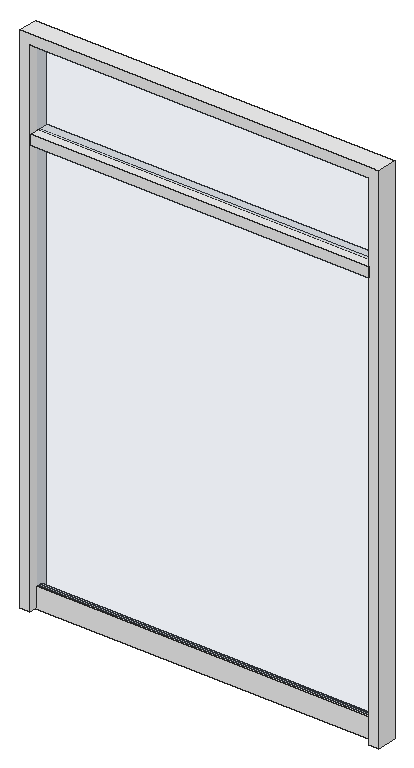
Revit family
Parameters
  프레임 투영 외부. = 25 mm
  프레임 투영 내부. = 25 mm
  프레임 폭 = 75 mm
  Height = 2600 mm
  Wall Closure = (empty or 0)
  Width = 1800 mm
  창 두께 = 100 mm
  창 패널 = SSW1 창 패널
  창 높이 = 2100 mm
  창 프레임 = SSW1 창 프레임
Reference planes
  plane 1: y = 0
  plane 2 "왼쪽": x = -1850
  plane 3 "오른쪽": x = -50
  plane 4: z = 2600
  plane 5 "외부": y = 75
  plane 6 "내부": y = -75
  plane 7: x = -1800
  plane 8: x = -100
  plane 9: y = 50
  plane 10: y = -50
  plane 11: z = 2550
  plane 12: z = 2100
  plane 13: z = 2150
  plane 14: z = 2000
  plane 15: z = 100
  plane 16: y = 6
  plane 17: y = -6
  plane 18: y = 16
  plane 19: y = -16
  plane 20: x = -950
  plane 21: x = -1015
  plane 22: x = -885
  plane 23: z = 600
  plane 24: z = 1050
Forms (mm)
  Sweep 1, solid, material "SSW1 창 프레임" <- "창 프레임"
    path origin (0, 75, 0) x (1, 0, 0) y (0, 0, 1)
      loop
        line (-50, 0) -> (-50, 2600) -> (-1850, 2600) -> (-1850, 0)
    profile origin (-50, 75, 1300) x (-1, 0, 0) y (0, -1, 0)
      loop
        line (50, 25) -> (50, 125) -> (0, 125) -> (0, 25) -> (50, 25)
  Extrusion 2, solid, material "SSW1 창 패널" <- "창 패널"
    sketch origin (900, 0, 0) x (1, 0, 0) y (0, 1, 0)
      loop
        line (-2700, 6) -> (-2700, -6) -> (-1000, -6) -> (-1000, 6) -> (-2700, 6)
    from 0 to 2100
  Extrusion 3, solid, material "SSW1 창 프레임" <- "창 프레임"
    sketch origin (900, 0, 0) x (1, 0, 0) y (0, 1, 0)
      loop
        line (-2700, -16) -> (-1000, -16) -> (-1000, -6) -> (-2700, -6) -> (-2700, -16)
      loop
        line (-2700, 6) -> (-1000, 6) -> (-1000, 16) -> (-2700, 16) -> (-2700, 6)
    from 0 to 100
  Extrusion 4, solid, material "SSW1 창 패널" <- "창 패널"
    sketch origin (-2581.693, 300, 2100) x (0, 1, 0) y (1, 0, 0)
      loop
        line (-294, 781.693) -> (-294, 2481.693) -> (-306, 2481.693) -> (-306, 781.693) -> (-294, 781.693)
    from -50 to -450
  Extrusion 5, solid, material "SSW1 창 프레임" <- "창 프레임"
    sketch origin (-2581.693, 300, 2100) x (0, 1, 0) y (1, 0, 0)
      loop
        line (-250, 781.693) -> (-250, 2481.693) -> (-350, 2481.693) -> (-350, 781.693) -> (-250, 781.693)
    from 0 to -50
Lines and regions (mm)
  Opening 1
    outline origin (-3050, -75, 0) x (1, 0, 0) y (0, 0, 1)
      loop
        line (1200, 0) -> (3000, 0) -> (3000, 2600) -> (1200, 2600) -> (1200, 0)
  symbolic lines, style "Windows"
    curve 1: line (-1800, 0, 2100) -> (-100, 0, 2100)
Text (mm)
  text "외부" at (-2295.016, 1099.543, 0), in view "참조 레벨"
  text "외부" at (0, 1615.38, 3698.081), in view "왼쪽"
  text "외부" at (0, 1036.032, 3874.932), in view "오른쪽"
Dimensions and locks
  plane 2 "왼쪽" to plane 3 "오른쪽" = 1800 mm
  "Width": plane 2 "왼쪽" to plane 3 "오른쪽"
  "Height": plane 4 to host wall
  "창 높이": host wall to plane 12
  host wall to plane 4 = 2600 mm
  locked: plane 5 "외부" to host wall at 0
  locked: plane 6 "내부" to host wall
  locked: plane 2 "왼쪽" to plane 7 at 50
  locked: plane 8 to plane 3 "오른쪽" at 50
  "창 두께": plane 9 to plane 10
  locked: plane 11 to plane 4 at 50
  locked: plane 12 to plane 13 at 50
  locked: plane 14 to plane 12 at 100
  locked: level to plane 15 at 100
  plane 16 to host wall to plane 17 = 6 mm locked, 6 mm locked
  locked: plane 17 to plane 19 at 10
  locked: plane 18 to plane 16 at 10
  plane 21 to plane 20 to plane 22 = 65 mm locked, 65 mm locked
  locked: level to plane 24 at 1050
  equal spacing: plane 2 "왼쪽", plane 20, plane 3 "오른쪽"
  plane 12 to plane 4 = 500 mm
  equal spacing: plane 9, plane 1, plane 10
  aligned and locked: plane 2 "왼쪽" to Opening 1 sketch curve
  aligned and locked: plane 4 to Opening 1 sketch curve  (x2)
  aligned and locked: Opening 1 sketch curve to plane 3 "오른쪽"
  aligned and locked: Opening 1 sketch curve to level
  aligned and locked: host wall to plane 1
  aligned and locked: Sweep 1 sketch curve to plane 2 "왼쪽"
  aligned and locked: plane 4 to Sweep 1 sketch curve
  aligned and locked: plane 3 "오른쪽" to Sweep 1 sketch curve
  aligned and locked: plane 8 to Sweep 1 sketch curve
  aligned and locked: host wall to Sweep 1 sketch curve
  aligned and locked: Sweep 1 sketch curve to plane 9
  aligned and locked: plane 10 to Sweep 1 sketch curve
  aligned and locked: plane 11 to Sweep 1
  aligned and locked: Extrusion 2 sketch curve to plane 16
  aligned and locked: plane 17 to Extrusion 2 sketch curve
  aligned and locked: Extrusion 2 to plane 12
  aligned and locked: Extrusion 3 sketch curve to plane 19
  aligned and locked: Extrusion 2 to Extrusion 3 sketch curve
  aligned and locked: Extrusion 3 sketch curve to Extrusion 2  (x2)
  aligned and locked: plane 18 to Extrusion 3 sketch curve
  aligned and locked: plane 15 to Extrusion 3
  aligned and locked: Extrusion 4 sketch curve to Extrusion 2
  aligned and locked: Extrusion 4 to Sweep 1
  aligned and locked: plane 13 to Extrusion 4
  aligned and locked: Extrusion 5 to plane 13
  aligned and locked: plane 7 to Extrusion 3 sketch curve  (x2)
  aligned and locked: plane 8 to Extrusion 4 sketch curve
  aligned and locked: Extrusion 4 sketch curve to plane 7
  aligned and locked: Extrusion 5 sketch curve to plane 7
  aligned and locked: plane 8 to Extrusion 5 sketch curve
  aligned and locked: Extrusion 2 sketch curve to plane 7
  aligned and locked: plane 8 to Extrusion 2 sketch curve
  aligned and locked: Extrusion 3 sketch curve to plane 8
  aligned and locked: curve 1 to host wall
  aligned and locked: plane 8 to curve 1
  aligned and locked: plane 7 to curve 1
Automatic sketch dimensions
  Sweep 1 sketch curve to level = 0 mm  (x2)
  Extrusion 5 sketch curve to plane 10 = 0 mm
  Extrusion 5 sketch curve to plane 9 = 0 mm
  Extrusion 4 sketch curve to plane 17 = 0 mm
  Extrusion 3 sketch curve to plane 8 = 0 mm
